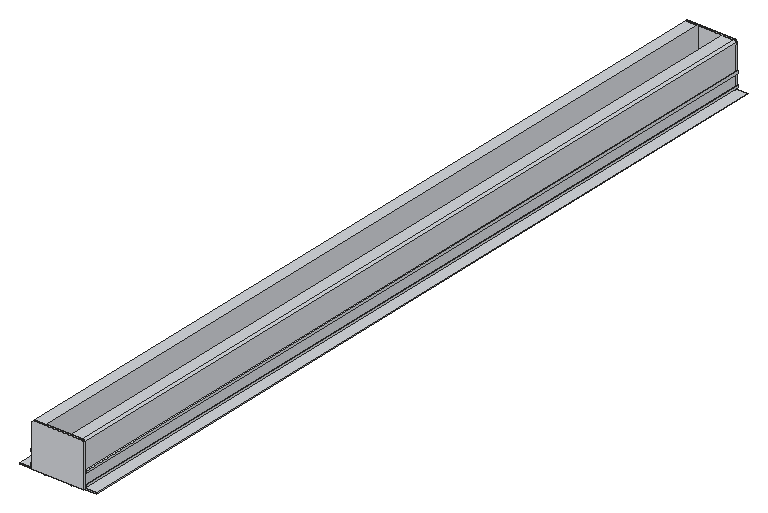
Revit family
Parameters
  URL = "http://www.anemostat.com/"
  Model = "FFBF-150"
  Manufacturer = "Anemostat"
  Length User Defined = 48"
  Duct Width = 3 5/16"
  Duct Length = Length User Defined + 1/4"  # 48 1/4"
  C = 4 1/2"
Reference planes (in)
  plane 1 "Center (Front/Back)": y = 0
  plane 2: z = 0
  plane 3 "Center (Left/Right)": x = 0
  plane 4: x = -2.25
  plane 5: x = 2.25
  plane 6 "Length": y = -48
  plane 7: y = -24
Forms (in)
  Extrusion 1, solid
    sketch origin (0, 0, -0.13) x (1, 0, 0) y (0, 0, 1)
      loop
        line (-1.425, 2.683) -> (-1.53672, 2.57128) -> (-1.53672, 1.09808) -> (-1.64472, 1.09808) -> (-1.64472, 0.97408) -> (-1.60672, 0.97408) -> (-1.60672, 1.03608) -> (-1.53672, 1.03608) -> (-1.53672, 0.28108) -> (-1.60672, 0.28108) -> (-1.60672, 0.34308) -> (-1.64472, 0.34308) -> (-1.64472, 0.21908) -> (-1.53672, 0.21908) -> (-1.53672, 0.13) -> (-2.25, 0.13) -> (-2.25, 0.099) -> (-0.812, 0.05) -> (-0.812, 0) -> (0.812, 0) -> (0.812, 0.05) -> (2.25, 0.099) -> (2.25, 0.13) -> (1.53672, 0.13) -> (1.53672, 0.21908) -> (1.64472, 0.21908) -> (1.64472, 0.34308) -> (1.60672, 0.34308) -> (1.60672, 0.28108) -> (1.53672, 0.28108) -> (1.53672, 1.03608) -> (1.60672, 1.03608) -> (1.60672, 0.97408) -> (1.64472, 0.97408) -> (1.64472, 1.09808) -> (1.53672, 1.09808) -> (1.53672, 2.57128) -> (1.425, 2.683) -> (-1.425, 2.683)
    from 0 to 48 <- "Length User Defined"
  Extrusion 2, void
    sketch origin (0, 0, 0) x (1, 0, 0) y (0, 1, 0)
      loop
        line (-0.75, 0) -> (-0.75, -48) -> (0.75, -48) -> (0.75, 0) -> (-0.75, 0)
    from -0.13 to 2.553
  Extrusion 3, solid
    sketch origin (0, 0, -0.13) x (1, 0, 0) y (0, 0, 1)
      loop
        line (-1.531, 0.0747) -> (1.53672, 0.0747) -> (1.53672, 2.57128) -> (1.425, 2.683) -> (-1.4225, 2.683) -> (-1.531, 2.5745) -> (-1.531, 0.0747)
    from 0 to -0.0625
  Extrusion 4, solid
    sketch origin (0, -48, -0.13) x (0, 0, 1) y (-1, 0, 0)
      loop
        line (0.0747, 1.531) -> (0.0747, -1.53672) -> (2.57128, -1.53672) -> (2.683, -1.425) -> (2.683, 1.4227) -> (2.5747, 1.531) -> (0.0747, 1.531)
    from 0 to 0.0625
Cuts and joins
  Extrusion 2 cuts Extrusion 1
Dimensions and locks (in)
  equal spacing: plane 5, plane 3 "Center (Left/Right)", plane 4
  "C": plane 5 to plane 4
  "Length User Defined": plane 1 "Center (Front/Back)" to plane 6 "Length"
  equal spacing: plane 1 "Center (Front/Back)", plane 7, plane 6 "Length"
Automatic sketch dimensions
  Extrusion 1 sketch curve to plane 4 = 0"
  Extrusion 1 sketch curve to level = 0.13"
  Extrusion 1 sketch curve to plane 5 = 0"
  level to Extrusion 1 sketch curve = 0.08908"
  plane 4 to Extrusion 1 sketch curve = 0.60528"  (x2)
  Extrusion 1 sketch curve to Extrusion 1 sketch curve = 0.038"  (x4)
  Extrusion 1 sketch curve to Extrusion 1 sketch curve = 0.07"  (x3)
  Extrusion 1 sketch curve to Extrusion 1 sketch curve = 0"  (x3)
  Extrusion 1 sketch curve to Extrusion 1 sketch curve = 0.11172"  (x2)
  Extrusion 1 sketch curve to Extrusion 1 sketch curve = 0.72472"
  Extrusion 1 sketch curve to level = 0.08"
  plane 3 "Center (Left/Right)" to Extrusion 1 sketch curve = 0.812"
  Extrusion 1 sketch curve to plane 5 = 0.825"
  Extrusion 1 sketch curve to plane 5 = 0.71328"  (x2)
  level to Extrusion 1 sketch curve = 0"
  Extrusion 1 sketch curve to Extrusion 1 sketch curve = 0.05"
  Extrusion 1 sketch curve to level = 0.031"
  Extrusion 1 sketch curve to Extrusion 1 sketch curve = 0.031"
  Extrusion 1 sketch curve to Extrusion 1 sketch curve = 0.08908"  (x2)
  Extrusion 1 sketch curve to Extrusion 1 sketch curve = 0.062"  (x8)
  Extrusion 1 sketch curve to Extrusion 1 sketch curve = 0.631"  (x2)
  Extrusion 1 sketch curve to Extrusion 1 sketch curve = 1.4732"  (x2)
  plane 6 "Length" to Extrusion 2 sketch curve = 0"
  plane 1 "Center (Front/Back)" to Extrusion 2 sketch curve = 0"
  Extrusion 2 sketch curve to plane 3 "Center (Left/Right)" = 3/4"
  plane 3 "Center (Left/Right)" to Extrusion 2 sketch curve = 3/4"
  Extrusion 3 sketch curve to level = 0.0553"
  plane 4 to Extrusion 3 sketch curve = 0.719"
  Extrusion 3 sketch curve to Extrusion 3 sketch curve = 0.1085"  (x2)
  Extrusion 3 sketch curve to plane 5 = 0.825"
  Extrusion 3 sketch curve to plane 5 = 0.71328"
  Extrusion 3 sketch curve to Extrusion 3 sketch curve = 2.49658"
  Extrusion 3 sketch curve to Extrusion 3 sketch curve = 2.4998"
  Extrusion 4 sketch curve to level = 0.0553"
  Extrusion 4 sketch curve to plane 5 = 0.71328"
  Extrusion 4 sketch curve to Extrusion 4 sketch curve = 2.49658"
  plane 4 to Extrusion 4 sketch curve = 0.719"
  Extrusion 4 sketch curve to Extrusion 4 sketch curve = 2 1/2"
  plane 4 to Extrusion 4 sketch curve = 0.8273"
  Extrusion 4 sketch curve to Extrusion 4 sketch curve = 0.1083"
  Extrusion 4 sketch curve to Extrusion 4 sketch curve = 0.11172"
Connectors (in)
  hvac at (0, -24, 2.553), driven by "Duct Length", driven by "Duct Width"
    settings: on Extrusion 1, index 1
